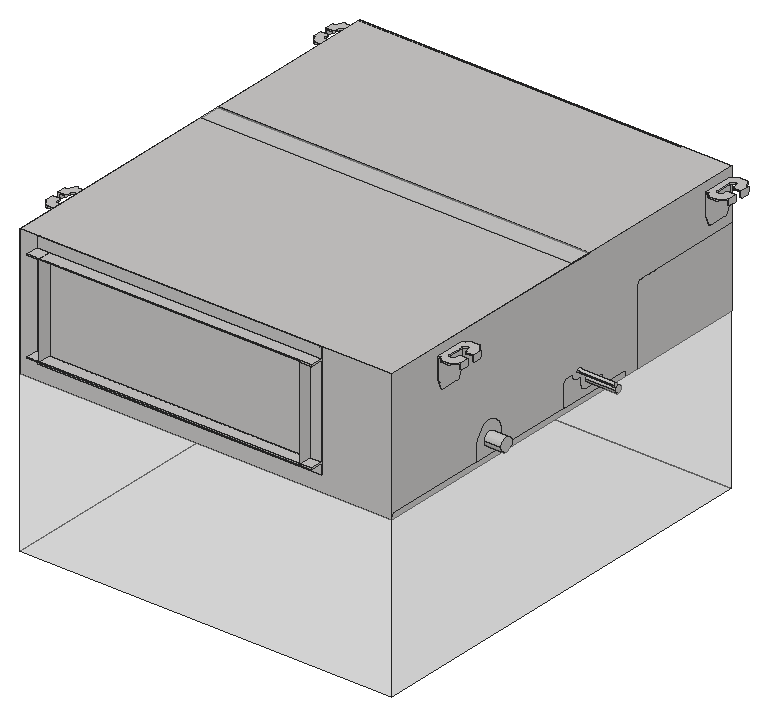
Revit family "outputfile", category 機械設備, Revit 2024
Family settings
  丸型コネクタ寸法 = 半径を使用
  パーツ タイプ = 標準
  OmniClass 番号 = 23.75.10.24.21.27.27
  OmniClass タイトル = Split System Air Conditioning Units
  作業面ベース = いいえ
  常に垂直 = はい
  ロード時にボイドで切り取り = いいえ
  注釈の向きを維持 = いいえ
  共有 = いいえ
  部屋計算ポイント = はい
Parameters (values of type "FDBF18DV2S")
  Description = ""
  書き出し IFC クラス(タイプ) = "IfcUnitaryEquipmentType"
  定義済み IFC タイプ(タイプ) = "AIRCONDITIONINGUNIT"
  Cost = 0
  Type Comments = ""
  Keynote = ""
  Type Image = (empty or 0)
  Assembly Code = ""
  switch_frequency = yes
  ra duct size width = 0 mm
  ra duct size height [instance] = if(Rear Connection_Return Air, 203 mm, 204 mm)  # 203 mm
  lw_duct size width = 604 mm
  connector_voltage = Voltage_50Hz  # 220 V
  connector_powerinput = [Power Input (Cooling)]  # 0.000 kW
  connector_phase = Phase_50Hz  # 1
  URL = ""
  RA_length [instance] = if(Rear Connection_Return Air, 126 mm, 125.5 mm)  # 126 mm
  angle_drainpipe [instance] = if(Right Connection_refrigerant, 90.00°, 270.00°)  # 90.00°
  angle_gaspipe [instance] = if(Right Connection_refrigerant, 90.00°, 270.00°)  # 90.00°
  angle_liquidpipe [instance] = if(Right Connection_refrigerant, 90.00°, 270.00°)  # 90.00°
  angle_Return Air [instance] = if(Rear Connection_Return Air, 90.00°, 0.00°)  # 90.00°
  Right Connection_refrigerant [instance] = yes
  Rear Connection_Return Air [instance] = not(Bottom Connection_Return Air)  # yes
  製造元 = "Daikin"
  モデル = "FDBF18DV2S"
  r_Liquid Pipe Size = Liquid Pipe Size / 2  # 3.2 mm
  r_Gas Pipe Size = Gas Pipe Size / 2  # 6.35 mm
  r_Drain Pipe Size = Drain Pipe Size / 2  # 12.5 mm
  lw_power = 60 mm  # constant formula
  lh_power = 30 mm  # constant formula
  ld_power = Depth / 2  # 400 mm
  Voltage_comment_50Hz = "220 - 240"
  Voltage_50Hz = 220 V
  Supply Air Direction [instance] = yes
  Sound Power Level_H speed (dB) = 0
  Phase_50Hz = 1
  Minimum External Static Pressure = 15.00 Pa
  Minimum Circuit Amps_50Hz = 0.0 A
  Maximum Fuse Amps_50Hz = 0.0 A
  Maximum External Static Pressure = 38.00 Pa
  Material_Casing = DAIKIN_GalvanizedSteel_Casing_indoorunit
  lw_mountinghole = 738 mm
  lh_gaspipe = 22 mm  # constant formula
  lh_mountinghole = 230 mm  # constant formula
  lh_liquidpipe = 185 mm  # constant formula
  lh_drainpipe = 207 mm  # constant formula
  lh_antena = (Height - lh_mountinghole) + 1 mm  # 16 mm
  ld_drainpipe = 228 mm  # constant formula
  ld_liquidpipe = 438 mm  # constant formula
  ld_gaspipe = 22 mm  # constant formula
  ld_mountinghole = 0 mm
  h*** = 0 mm
  lw_liquidpipe = 421 mm
  lw_gaspipe = 408 mm
  lw_drainpipe = 383 mm
  Width = 700 mm
  Version = "ver.1.0"
  Unit Type = "L.S.P. Duct for Bed Room"
  Unit Mass Weight = 26.00 kg
  Unit Designation [instance] = ""
  Uniclass2015Version = "Products v1.30"
  Uniclass2015Title = "Split coil room air conditioning units"
  Uniclass2015Code = "Pr_70_65_03_86"
  Total Cooling Capacity [instance] = 0.000 kW
  Sound Pressure Level_M speed (dBA) = 33
  Sound Pressure Level_L speed (dBA) = 25
  Sound Pressure Level_H speed (dBA) = 37
  Series = "SkyAir_Fan Coil Unit"
  Sensible Cooling Capacity [instance] = 0.000 kW
  SA Duct Size Width = 490 mm
  SA Duct Size Height = 174 mm
  Refrigerant Type = "R32"
  RA Duct Size Width = 563 mm
  RA Duct Size Height = 203 mm
  Power Input (Cooling) = 0.000 kW
  Option Accessory 3 [instance] = ""
  Option Accessory 2 [instance] = ""
  Option Accessory 1 [instance] = ""
  Nominal Cooling Capacity = 5.300 kW
  Minimum Airflow = 570.00 m³/h
  Median Airflow = 720.00 m³/h
  Maximum Airflow = 900.00 m³/h
  Load Classification = HVAC
  Liquid Pipe Size = 6.4 mm
  Link_Nested Family [instance] = ""
  Left Connection_refrigerant [instance] = not(Right Connection_refrigerant)  # no
  IfcVersion = ""
  IfcExportType = "AIRCONDITIONINGUNIT"
  IfcExportAs = "IfcUnitaryEquipmentType"
  Height = 245 mm
  Heat Exchanger Type = "Cross Fin Coil"
  Gas Pipe Size = 12.7 mm
  Frequency_50Hz = 50 Hz
  Fan Type = "Sirocco Fan"
  Fan Drive = "Direct Drive"
  FCU Tag No. [instance] = ""
  Drain Pipe Size = 25.0 mm
  Design Supply Airflow [instance] = 0.00 m³/h
  Design Return Airflow [instance] = 0.00 m³/h
  Design External Static Pressure [instance] = 0.00 Pa
  Depth = 800 mm
  既定の高さ = 0 mm
  Cooling Entering Wet Bulb Temperature [instance] = 0.00 °C
  Cooling Entering Dry Bulb Temperature [instance] = 0.00 °C
  Cooling Ambient Wet Bulb Temperature [instance] = 0.00 °C
  Cooling Ambient Dry Bulb Temperature [instance] = 0.00 °C
  Clearance visibility [instance] = yes
  Clearance Top = 0 mm
  Clearance Right = 0 mm
  Clearance Rear = 0 mm
  Clearance Left = 0 mm
  Clearance Front = 0 mm
  Clearance Bottom = 300 mm
  Bottom Connection_Return Air [instance] = no
Reference planes
  plane 1 "Center (Front/Back)": y = 0
  plane 2 "h": z = 0
  plane 3 "Center (Left/Right)": x = 0
  plane 4 "Back": y = 400
  plane 5 "Front": y = -400
  plane 6 "Left": x = -350
  plane 7 "Right": x = 350
  plane 8 "Top": z = 0
  plane 9 "Bottom": z = -245
  plane 10: y = 400
  plane 11: y = -400
  plane 12: x = -350
  plane 13: x = 350
  plane 14: z = 0
  plane 15: z = -545
  plane 16: y = 364
  plane 17: y = -266
  plane 18: z = -15
  plane 19: x = -317
  plane 20: x = -408
  plane 21: x = 408
  plane 22: x = -421
  plane 23: x = 421
  plane 24: y = 38
  plane 25: y = 60
  plane 26: y = -172
  plane 27: z = -207
  plane 28: z = -207
  plane 29: z = -185
  plane 30: x = -383
  plane 31: x = 383
  plane 32: x = 254.5
  plane 33: x = -349.5
  plane 34: y = 151.5
  plane 35: z = -215
  plane 36: x = 290
  plane 37: x = -47.5
  plane 38: y = 274
  plane 39: z = -119.5
  plane 40: x = -369
  plane 41: x = 369
Forms (mm)
  Extrusion 1, solid, material "DAIKIN_GalvanizedSteel_Casing_indoorunit" <- "Material_Casing"
    sketch origin (0, 0, 0) x (1, 0, 0) y (0, 1, 0)
      loop
        line (-350, 400) -> (-350, -400) -> (350, -400) -> (350, 400) -> (-350, 400)
    from -245 to 0
  Extrusion 2, solid, material "DAIKIN_GalvanizedSteel_Casing_indoorunit" <- "Material_Casing", visible <- "Right Connection_refrigerant"
    sketch origin (350, 0, 0) x (0, 1, 0) y (0, 0, 1)
      loop
        circle (-172, -207) r 12.5
    from 0 to 33
  Extrusion 3, solid, material "DAIKIN_GalvanizedSteel_Casing_indoorunit" <- "Material_Casing", visible <- "Left Connection_refrigerant"
    sketch origin (-350, 0, 0) x (0, 1, 0) y (0, 0, 1)
      loop
        circle (-172, -207) r 12.5
    from 0 to -33
  Extrusion 4, solid, material "DAIKIN_GalvanizedSteel_Casing_indoorunit" <- "Material_Casing", visible <- "Right Connection_refrigerant"
    sketch origin (350, 0, 0) x (0, 1, 0) y (0, 0, 1)
      loop
        circle (38, -185) r 3.2
    from 0 to 71
  Extrusion 5, solid, material "DAIKIN_GalvanizedSteel_Casing_indoorunit" <- "Material_Casing", visible <- "Right Connection_refrigerant"
    sketch origin (350, 0, 0) x (0, 1, 0) y (0, 0, 1)
      loop
        circle (60, -207) r 6.35
    from 0 to 58
  Extrusion 6, solid, material "DAIKIN_GalvanizedSteel_Casing_indoorunit" <- "Material_Casing", visible <- "Left Connection_refrigerant"
    sketch origin (-350, 0, 0) x (0, 1, 0) y (0, 0, 1)
      loop
        circle (60, -207) r 6.35
    from 0 to -58
  Extrusion 7, solid, material "DAIKIN_GalvanizedSteel_Casing_indoorunit" <- "Material_Casing", visible <- "Left Connection_refrigerant"
    sketch origin (-350, 0, 0) x (0, 1, 0) y (0, 0, 1)
      loop
        circle (38, -185) r 3.2
    from 0 to -71
  Extrusion 8, solid, material "DAIKIN_GalvanizedSteel_Casing_indoorunit" <- "Material_Casing", visible <- "Right Connection_refrigerant"
    sketch origin (350, 0, 0) x (0, 1, 0) y (0, 0, 1)
      loop
        line (22.284, -188) -> (7.5, -188)
        arc (7.5, -188) -> (5.379, -188.879) -> (4.5, -191) r 3
        line (4.5, -191) -> (4.5, -232)
        arc (4.5, -232) -> (5.379, -234.121) -> (7.5, -235) r 3
        line (7.5, -235) -> (91, -235)
        arc (91, -235) -> (93.121, -234.121) -> (94, -232) r 3
        line (94, -232) -> (94, -220)
        arc (94, -220) -> (93.121, -217.879) -> (91, -217) r 3
        line (91, -217) -> (75.564, -217)
        arc (75.564, -217) -> (51.595, -223.481) -> (42.766, -200.274) r 18.5
        arc (42.766, -200.274) -> (29.776, -198.725) -> (22.284, -188) r 16
    from 0 to -1
  Extrusion 9, solid, material "DAIKIN_GalvanizedSteel_Casing_indoorunit" <- "Material_Casing", visible <- "Left Connection_refrigerant"
    sketch origin (-350, 0, 0) x (0, 1, 0) y (0, 0, 1)
      loop
        line (22.284, -188) -> (7.5, -188)
        arc (7.5, -188) -> (5.379, -188.879) -> (4.5, -191) r 3
        line (4.5, -191) -> (4.5, -232)
        arc (4.5, -232) -> (5.379, -234.121) -> (7.5, -235) r 3
        line (7.5, -235) -> (91, -235)
        arc (91, -235) -> (93.121, -234.121) -> (94, -232) r 3
        line (94, -232) -> (94, -220)
        arc (94, -220) -> (93.121, -217.879) -> (91, -217) r 3
        line (91, -217) -> (75.564, -217)
        arc (75.564, -217) -> (51.595, -223.481) -> (42.766, -200.274) r 18.5
        arc (42.766, -200.274) -> (29.776, -198.725) -> (22.284, -188) r 16
    from 0 to 1
  Extrusion 10, solid, material "DAIKIN_GalvanizedSteel_Casing_indoorunit" <- "Material_Casing", visible <- "Right Connection_refrigerant"
    sketch origin (350, 0, 0) x (0, 1, 0) y (0, 0, 1)
      loop
        line (-199.5, -235) -> (-144.5, -235) -> (-144.5, -204.7)
        arc (-144.5, -204.7) -> (-152.555, -185.255) -> (-172, -177.2) r 27.5
        arc (-172, -177.2) -> (-191.445, -185.255) -> (-199.5, -204.7) r 27.5
        line (-199.5, -204.7) -> (-199.5, -235)
    from 0 to -1
  Extrusion 11, solid, material "DAIKIN_GalvanizedSteel_Casing_indoorunit" <- "Material_Casing", visible <- "Left Connection_refrigerant"
    sketch origin (-350, 0, 0) x (0, 1, 0) y (0, 0, 1)
      loop
        line (-199.5, -235) -> (-144.5, -235) -> (-144.5, -204.7)
        arc (-144.5, -204.7) -> (-152.555, -185.255) -> (-172, -177.2) r 27.5
        arc (-172, -177.2) -> (-191.445, -185.255) -> (-199.5, -204.7) r 27.5
        line (-199.5, -204.7) -> (-199.5, -235)
    from 0 to 1
  Extrusion 12, solid, material "DAIKIN_GalvanizedSteel_Casing_indoorunit" <- "Material_Casing", visible <- "Right Connection_refrigerant"
    sketch origin (350, 0, 0) x (0, 1, 0) y (0, 0, 1)
      loop
        line (400, -245) -> (400, -95.5) -> (182, -95.5)
        arc (182, -95.5) -> (179.879, -96.379) -> (179, -98.5) r 3
        line (179, -98.5) -> (179, -245) -> (400, -245)
    from 0 to -1
  Extrusion 13, solid, material "DAIKIN_GalvanizedSteel_Casing_indoorunit" <- "Material_Casing", visible <- "Bottom Connection_Return Air"
    sketch origin (0, 400, 0) x (-1, 0, 0) y (0, 0, 1)
      loop
        line (-254.5, 0) -> (-254.5, -245) -> (349.5, -245) -> (349.5, 0) -> (-254.5, 0)
    from 0 to -1
  Extrusion 14, solid, material "DAIKIN_GalvanizedSteel_Casing_indoorunit" <- "Material_Casing", visible <- "Rear Connection_Return Air"
    sketch origin (0, 0, -245) x (-1, 0, 0) y (0, -1, 0)
      loop
        line (349.5, -400) -> (349.5, -151.5) -> (-254.5, -151.5) -> (-254.5, -400) -> (349.5, -400)
    from 0 to 1
  Extrusion 15, solid, material "DAIKIN_GalvanizedSteel_Casing_indoorunit" <- "Material_Casing", visible <- "Right Connection_refrigerant"
    sketch origin (350, 0, 0) x (0, 1, 0) y (0, 0, 1)
      loop
        arc (-397, -235) -> (-399.121, -235.879) -> (-400, -238) r 3
        line (-400, -238) -> (-400, -245) -> (147.5, -245) -> (147.5, -238)
        arc (147.5, -238) -> (146.621, -235.879) -> (144.5, -235) r 3
        line (144.5, -235) -> (-397, -235)
    from 0 to -1
  Extrusion 16, solid, material "DAIKIN_GalvanizedSteel_Casing_indoorunit" <- "Material_Casing", visible <- "Left Connection_refrigerant"
    sketch origin (-350, 0, 0) x (0, 1, 0) y (0, 0, 1)
      loop
        arc (-397, -235) -> (-399.121, -235.879) -> (-400, -238) r 3
        line (-400, -238) -> (-400, -245) -> (147.5, -245) -> (147.5, -238)
        arc (147.5, -238) -> (146.621, -235.879) -> (144.5, -235) r 3
        line (144.5, -235) -> (-397, -235)
    from 0 to 1
  Extrusion 17, solid, material "DAIKIN_GalvanizedSteel_Casing_indoorunit" <- "Material_Casing", visible <- "Left Connection_refrigerant"
    sketch origin (-350, 0, 0) x (0, 1, 0) y (0, 0, 1)
      loop
        line (400, -245) -> (400, -95.5) -> (182, -95.5)
        arc (182, -95.5) -> (179.879, -96.379) -> (179, -98.5) r 3
        line (179, -98.5) -> (179, -245) -> (400, -245)
    from 0 to 1
  Extrusion 18, void
    sketch origin (0, 0, 0) x (-1, 0, 0) y (0, -1, 0)
      loop
        line (350, -66.5) -> (350, -25) -> (-350, -25) -> (-350, -66.5) -> (350, -66.5)
    from 0 to -1
Cuts and joins
  Extrusion 18 cuts Extrusion 1
Dimensions and locks
  "Height": plane 8 "Top" to plane 9 "Bottom"
  equal spacing: plane 4 "Back", plane 1 "Center (Front/Back)", plane 5 "Front"
  "Depth": plane 4 "Back" to plane 5 "Front"
  equal spacing: plane 6 "Left", plane 3 "Center (Left/Right)", plane 7 "Right"
  "Width": plane 6 "Left" to plane 7 "Right"
  "Clearance Left": plane 12 to plane 6 "Left"
  "Clearance Right": plane 7 "Right" to plane 13
  "Clearance Rear": plane 10 to plane 4 "Back"
  "Clearance Front": plane 5 "Front" to plane 11
  "Clearance Top": plane 14 to plane 8 "Top"
  "Clearance Bottom": plane 9 "Bottom" to plane 15
  locked: plane 4 "Back" to plane 16 at 36
  locked: plane 17 to plane 5 "Front" at 134
  locked: plane 6 "Left" to plane 19 at 33
  "ld_liquidpipe": plane 24 to plane 5 "Front"
  "ld_drainpipe": plane 26 to plane 5 "Front"
  "ld_gaspipe": plane 25 to plane 24
  "lh_drainpipe": plane 8 "Top" to plane 28
  "lh_liquidpipe": plane 8 "Top" to plane 29
  "lh_gaspipe": plane 29 to plane 27
  locked: plane 7 "Right" to plane 32 at 95.5
  locked: plane 33 to plane 6 "Left" at 0.5
  locked: plane 4 "Back" to plane 34 at 248.5
  "lw_drainpipe": plane 3 "Center (Left/Right)" to plane 31
  "lw_drainpipe": plane 30 to plane 3 "Center (Left/Right)"
  "lw_gaspipe": plane 3 "Center (Left/Right)" to plane 21
  "lw_gaspipe": plane 20 to plane 3 "Center (Left/Right)"
  "lw_liquidpipe": plane 3 "Center (Left/Right)" to plane 23
  "lw_liquidpipe": plane 22 to plane 3 "Center (Left/Right)"
  "lw_power": plane 7 "Right" to plane 36
  "lh_power": plane 9 "Bottom" to plane 35
  equal spacing: plane 33, plane 37, plane 32
  locked: plane 4 "Back" to plane 38 at 126
  locked: plane 9 "Bottom" to plane 39 at 125.5
  equal spacing: plane 40, plane 3 "Center (Left/Right)", plane 41
  "lw_mountinghole": plane 40 to plane 41
  "lh_mountinghole": plane 18 to plane 9 "Bottom"
  locked: Extrusion 18 sketch curve to Extrusion 18 sketch curve at 41.5
  locked: plane 1 "Center (Front/Back)" to Extrusion 18 sketch curve at 25
  "r_Drain Pipe Size": radius of Extrusion 2 sketch curve
  "r_Drain Pipe Size": radius of Extrusion 3 sketch curve
  "r_Liquid Pipe Size": radius of Extrusion 4 sketch curve
  "r_Gas Pipe Size": radius of Extrusion 5 sketch curve
  "r_Gas Pipe Size": radius of Extrusion 6 sketch curve
  "r_Liquid Pipe Size": radius of Extrusion 7 sketch curve
  aligned and locked: level to plane 2 "h"
  aligned and locked: plane 8 "Top" to Extrusion 1
  aligned and locked: Extrusion 1 to plane 9 "Bottom"
  aligned and locked: nested 2 to plane 11
  aligned and locked: plane 12 to nested 2
  aligned and locked: plane 13 to nested 2
  aligned and locked: nested 2 to plane 12
  aligned and locked: plane 10 to nested 2
  aligned and locked: plane 14 to nested 2
  aligned and locked: plane 15 to nested 2
  aligned and locked: plane 5 "Front" to Extrusion 1 sketch curve
  aligned and locked: level to plane 8 "Top"
  aligned and locked: nested 3 to plane 6 "Left"
  aligned and locked: nested 6 to plane 6 "Left"
  aligned and locked: plane 7 "Right" to nested 5
  aligned and locked: plane 7 "Right" to nested 4
  aligned and locked: nested 3 to plane 16
  aligned and locked: plane 16 to nested 4
  aligned and locked: plane 17 to nested 6
  aligned and locked: nested 5 to plane 17
  aligned and locked: plane 18 to nested 3
  aligned and locked: plane 18 to nested 6
  aligned and locked: plane 18 to nested 4
  aligned and locked: plane 18 to nested 5
  aligned and locked: nested 7 to plane 5 "Front"
  aligned and locked: nested 7 to plane 19
  aligned and locked: plane 28 to Extrusion 2 sketch curve
  aligned and locked: plane 26 to Extrusion 2 sketch curve
  aligned and locked: plane 31 to Extrusion 2
  aligned and locked: plane 28 to Extrusion 3 sketch curve
  aligned and locked: plane 26 to Extrusion 3 sketch curve
  aligned and locked: Extrusion 3 to plane 30
  aligned and locked: plane 29 to Extrusion 4 sketch curve
  aligned and locked: plane 24 to Extrusion 4 sketch curve
  aligned and locked: plane 23 to Extrusion 4
  aligned and locked: plane 28 to Extrusion 5 sketch curve
  aligned and locked: plane 25 to Extrusion 5 sketch curve
  aligned and locked: plane 21 to Extrusion 5
  aligned and locked: plane 28 to Extrusion 6 sketch curve
  aligned and locked: plane 25 to Extrusion 6 sketch curve
  aligned and locked: Extrusion 6 to plane 20
  aligned and locked: plane 29 to Extrusion 7 sketch curve
  aligned and locked: plane 24 to Extrusion 7 sketch curve
  aligned and locked: Extrusion 7 to plane 22
  aligned and locked: Extrusion 13 to plane 33
  aligned and locked: plane 32 to Extrusion 13
  aligned and locked: plane 8 "Top" to Extrusion 13
  aligned and locked: Extrusion 13 to plane 9 "Bottom"
  aligned and locked: Extrusion 14 to plane 33
  aligned and locked: plane 32 to Extrusion 14
  aligned and locked: Extrusion 14 to plane 34
  aligned and locked: plane 4 "Back" to Extrusion 14
  aligned and locked: nested 8 to plane 4 "Back"
  aligned and locked: nested 8 to plane 33
  aligned and locked: plane 8 "Top" to nested 8
  aligned and locked: nested 9 to plane 34
  aligned and locked: plane 4 "Back" to nested 9
  aligned and locked: plane 32 to nested 9
  aligned and locked: nested 9 to plane 9 "Bottom"
  aligned and locked: nested 10 to plane 26
  aligned and locked: plane 3 "Center (Left/Right)" to nested 10
  aligned and locked: nested 10 to plane 28
  aligned and locked: nested 11 to plane 24
  aligned and locked: plane 3 "Center (Left/Right)" to nested 11
  aligned and locked: nested 11 to plane 29
  aligned and locked: nested 12 to plane 25
  aligned and locked: plane 3 "Center (Left/Right)" to nested 12
  aligned and locked: nested 12 to plane 28
  aligned and locked: nested 13 to plane 35
  aligned and locked: nested 13 to plane 36
  aligned and locked: nested 13 to plane 1 "Center (Front/Back)"
  aligned and locked: plane 37 to nested 14
  aligned and locked: nested 14 to plane 38
  aligned and locked: plane 38 to nested 14  (x2)
  aligned and locked: plane 40 to nested 15
  aligned and locked: plane 17 to nested 15
  aligned and locked: plane 40 to nested 16
  aligned and locked: nested 16 to plane 16
  aligned and locked: plane 41 to nested 18
  aligned and locked: plane 17 to nested 18
  aligned and locked: plane 41 to nested 17
  aligned and locked: nested 17 to plane 16
  aligned and locked: plane 1 "Center (Front/Back)" to nested 1
  aligned and locked: plane 3 "Center (Left/Right)" to nested 1
  aligned and locked: plane 6 "Left" to Extrusion 18 sketch curve
  aligned and locked: Extrusion 18 sketch curve to plane 7 "Right"
  aligned and locked: plane 8 "Top" to nested 7
Automatic sketch dimensions
  Extrusion 1 sketch curve to plane 6 "Left" = 0 mm
  Extrusion 1 sketch curve to plane 7 "Right" = 0 mm
  Extrusion 1 sketch curve to plane 4 "Back" = 0 mm
  Extrusion 8 sketch curve to plane 24 = 0 mm
  Extrusion 8 sketch curve to plane 25 = 0 mm
  Extrusion 8 sketch curve to plane 27 = 0 mm
  Extrusion 8 sketch curve to plane 29 = 0 mm
  Extrusion 8 sketch curve to plane 29 = 3 mm
  Extrusion 8 sketch curve to plane 24 = 15.716 mm
  Extrusion 8 sketch curve to plane 1 "Center (Front/Back)" = 7.5 mm  (x2)
  Extrusion 8 sketch curve to Extrusion 8 sketch curve = 3 mm
  Extrusion 8 sketch curve to plane 35 = 2 mm
  plane 25 to Extrusion 8 sketch curve = 15.564 mm
  plane 9 "Bottom" to Extrusion 8 sketch curve = 10 mm
  Extrusion 8 sketch curve to Extrusion 8 sketch curve = 15.436 mm
  Extrusion 8 sketch curve to plane 35 = 5 mm
  Extrusion 8 sketch curve to Extrusion 8 sketch curve = 0 mm
  Extrusion 9 sketch curve to plane 24 = 0 mm
  Extrusion 9 sketch curve to plane 25 = 0 mm
  Extrusion 9 sketch curve to plane 27 = 0 mm
  Extrusion 9 sketch curve to plane 29 = 0 mm
  Extrusion 9 sketch curve to plane 29 = 3 mm
  Extrusion 9 sketch curve to plane 24 = 15.716 mm
  Extrusion 9 sketch curve to plane 1 "Center (Front/Back)" = 7.5 mm  (x2)
  Extrusion 9 sketch curve to Extrusion 9 sketch curve = 3 mm
  Extrusion 9 sketch curve to plane 35 = 2 mm
  plane 25 to Extrusion 9 sketch curve = 15.564 mm
  plane 9 "Bottom" to Extrusion 9 sketch curve = 10 mm
  Extrusion 9 sketch curve to Extrusion 9 sketch curve = 15.436 mm
  Extrusion 9 sketch curve to plane 35 = 5 mm
  Extrusion 9 sketch curve to Extrusion 9 sketch curve = 0 mm
  Extrusion 10 sketch curve to Extrusion 10 sketch curve = 0 mm  (x2)
  Extrusion 10 sketch curve to plane 26 = 0 mm
  plane 9 "Bottom" to Extrusion 10 sketch curve = 10 mm
  Extrusion 10 sketch curve to plane 26 = 27.5 mm
  plane 27 to Extrusion 10 sketch curve = 2.3 mm
  Extrusion 11 sketch curve to Extrusion 11 sketch curve = 0 mm  (x2)
  Extrusion 11 sketch curve to plane 26 = 0 mm
  plane 9 "Bottom" to Extrusion 11 sketch curve = 10 mm
  Extrusion 11 sketch curve to plane 26 = 27.5 mm
  plane 27 to Extrusion 11 sketch curve = 2.3 mm
  Extrusion 12 sketch curve to plane 9 "Bottom" = 0 mm
  Extrusion 12 sketch curve to plane 4 "Back" = 0 mm
  plane 34 to Extrusion 12 sketch curve = 30.5 mm
  Extrusion 12 sketch curve to Extrusion 12 sketch curve = 3 mm
  plane 39 to Extrusion 12 sketch curve = 21 mm
  Extrusion 13 sketch curve to plane 9 "Bottom" = 0 mm
  Extrusion 13 sketch curve to plane 32 = 0 mm
  Extrusion 13 sketch curve to plane 33 = 0 mm
  Extrusion 13 sketch curve to level = 0 mm
  Extrusion 14 sketch curve to plane 4 "Back" = 0 mm
  Extrusion 14 sketch curve to plane 32 = 0 mm
  Extrusion 14 sketch curve to plane 33 = 0 mm
  Extrusion 14 sketch curve to plane 34 = 0 mm
  Extrusion 15 sketch curve to plane 5 "Front" = 0 mm
  Extrusion 15 sketch curve to plane 9 "Bottom" = 0 mm
  Extrusion 15 sketch curve to Extrusion 15 sketch curve = 3 mm
  Extrusion 15 sketch curve to plane 34 = 7 mm
  Extrusion 15 sketch curve to plane 34 = 4 mm
  Extrusion 15 sketch curve to Extrusion 15 sketch curve = 7 mm
  Extrusion 16 sketch curve to plane 5 "Front" = 0 mm
  Extrusion 16 sketch curve to plane 9 "Bottom" = 0 mm
  Extrusion 16 sketch curve to Extrusion 16 sketch curve = 3 mm
  Extrusion 16 sketch curve to plane 34 = 7 mm
  Extrusion 16 sketch curve to plane 34 = 4 mm
  plane 9 "Bottom" to Extrusion 16 sketch curve = 7 mm
  Extrusion 17 sketch curve to plane 9 "Bottom" = 0 mm
  Extrusion 17 sketch curve to plane 4 "Back" = 0 mm
  plane 34 to Extrusion 17 sketch curve = 30.5 mm
  Extrusion 17 sketch curve to Extrusion 17 sketch curve = 3 mm
  plane 39 to Extrusion 17 sketch curve = 21 mm
Nested families
  nested 1: "daikin_△_symbolicline" at (0, 0, 245), built-in parameter 1001364 <- "Height", visible <- "Supply Air Direction", type "daikin_△_symbolicline"
    with length 200 mm
  nested 2: "daikin_clearancespace" at (0, 0, -272.381), visible <- "Clearance visibility", show <- "Clearance visibility", Link_Nested Family <- "Link_Nested Family", type "daikin_clearancespace"
    with width 700 mm, show yes, height 545 mm, depth 800 mm, Link_Nested Family ""
  nested 3: "daikin_hangerfixture_FDBF-DV2S" at (-350, 364, -15) x (0, -1, 0) z (0, 0, 1), type "daikin_hangerfixture_FDBF-DV2S"
  nested 4: "daikin_hangerfixture_FDBF-DV2S" at (350, 364, -15) x (0, 1, 0) z (0, 0, 1), type "daikin_hangerfixture_FDBF-DV2S"
  nested 5: "daikin_hangerfixture_FDBF-DV2S" at (350, -266, -15) x (0, 1, 0) z (0, 0, 1), type "daikin_hangerfixture_FDBF-DV2S"
  nested 6: "daikin_hangerfixture_FDBF-DV2S" at (-350, -266, -15) x (0, -1, 0) z (0, 0, 1), type "daikin_hangerfixture_FDBF-DV2S"
  nested 7: "daikin_ductflange_FDBF-DV2S_2" at (-49.5, -400, -108), type "daikin_ductflange_FDBF-DV2S_2"
  nested 8: "daikin_ductflange_FDBF-DV2S" at (-47.5, 400, -122.5), width <- "lw_duct size width", visible <- "Rear Connection_Return Air", material <- "Material_Casing", type "daikin_ductflange_FDBF-DV2S"
    with width 604 mm, material DAIKIN_GalvanizedSteel_Casing_indoorunit, height 245 mm, depth 1 mm
  nested 9: "daikin_ductflange_FDBF-DV2S_1" at (-47.5, 275.75, -244) x (1, 0, 0) z (0, -1, 0), width <- "lw_duct size width", visible <- "Bottom Connection_Return Air", material <- "Material_Casing", type "daikin_ductflange_FDBF-DV2S_1"
    with width 604 mm, material DAIKIN_GalvanizedSteel_Casing_indoorunit, height 248.5 mm, depth 1 mm
  nested 10: "daikin_connector_rotate3" at (0, -172, -207), length <- "lw_drainpipe", radius <- "r_Drain Pipe Size", angle_vertical <- "angle_drainpipe", type "daikin_connector_rotate3"
    with show no, radius 12.5 mm, length 383 mm, angle_vertical 90.00°, angle_horizontal 90.00°
  nested 11: "daikin_connector_rotate3" at (0, 38, -185), length <- "lw_liquidpipe", radius <- "r_Liquid Pipe Size", angle_vertical <- "angle_liquidpipe", type "daikin_connector_rotate3"
    with show no, radius 3.2 mm, length 421 mm, angle_vertical 90.00°, angle_horizontal 90.00°
  nested 12: "daikin_connector_rotate3" at (0, 60, -207), length <- "lw_gaspipe", radius <- "r_Gas Pipe Size", angle_vertical <- "angle_gaspipe", type "daikin_connector_rotate3"
    with show no, radius 6.35 mm, length 408 mm, angle_vertical 90.00°, angle_horizontal 90.00°
  nested 13: "daikin_connector_rotate2" at (290, 0, -215) x (-1, 0, 0) z (0, 0, 1), length <- "ld_power", type "daikin_connector_rotate2"
    with radius 10 mm, length 400 mm, angle_vertical 90.00°
  nested 14: "daikin_connector_rotate3" at (-47.5, 274, -119.5), angle_vertical <- "angle_Return Air", length <- "RA_length", type "daikin_connector_rotate3"
    with show no, radius 10 mm, length 126 mm, angle_vertical 90.00°, angle_horizontal 180.00°
  nested 15: "daikin_mountinghole" at (-369, -266, -245), h_mountinghole <- "lh_mountinghole", l_antenna <- "lh_antena", Link_Nested Family <- "Link_Nested Family", type "daikin_mountinghole"
    with show yes, l_antenna 16 mm, h_mountinghole 230 mm, Link_Nested Family ""
  nested 16: "daikin_mountinghole" at (-369, 364, -245), h_mountinghole <- "lh_mountinghole", l_antenna <- "lh_antena", Link_Nested Family <- "Link_Nested Family", type "daikin_mountinghole"
    with show yes, l_antenna 16 mm, h_mountinghole 230 mm, Link_Nested Family ""
  nested 17: "daikin_mountinghole" at (369, 364, -245), h_mountinghole <- "lh_mountinghole", l_antenna <- "lh_antena", type "daikin_mountinghole"
    with show yes, l_antenna 16 mm, h_mountinghole 230 mm, Link_Nested Family ""
  nested 18: "daikin_mountinghole" at (369, -266, -245), h_mountinghole <- "lh_mountinghole", l_antenna <- "lh_antena", type "daikin_mountinghole"
    with show yes, l_antenna 16 mm, h_mountinghole 230 mm, Link_Nested Family ""
Connectors
  hvac at (-49.5, -425, -108), driven by "SA Duct Size Height", driven by "SA Duct Size Width"
    settings: on nested 7, index 1, duct flow 0.00 m³/h, flow factor 0, pres drop 0.00 Pa, loss coef 0, conn angle 0.00°, conn width 490.0 mm, conn height 174.0 mm, conn diameter 609.6 mm, duct sys type 1, conn prof type 1, flow config 0, flow direction 2, loss method 4, conn ref index -1, conn util no, is conn primary yes, conn desc "SA Duct"
  piping at (408, 60, -207), diameter 12.7, driven by "r_Gas Pipe Size"
    settings: on nested 12, index 4, connector inside diameter 609.6 mm, connector length 0 mm, flow factor 0, pipe flow 0.00 m³/h, pressure drop 0.0 Pa, fitting loss kfactor 0, connector angle 0.00°, fixture units 0, engagement length 0 mm, angle of deflection 0.00°, flow configuration 1, flow direction 2, fitting loss method 0, system type 29, joint type 0, gender type 0, connector reference index -1, connector utility 0, adjustable connector no, is connector primary yes, connector description "Refrigerant Gas Piping"
  piping at (421, 38, -185), diameter 6.4, driven by "r_Liquid Pipe Size"
    settings: on nested 11, index 5, connector inside diameter 609.6 mm, connector length 0 mm, flow factor 0, pipe flow 0.00 m³/h, pressure drop 0.0 Pa, fitting loss kfactor 0, connector angle 0.00°, fixture units 0, engagement length 0 mm, angle of deflection 0.00°, flow configuration 1, flow direction 1, fitting loss method 0, system type 29, joint type 0, gender type 0, connector reference index -1, connector utility 0, adjustable connector no, is connector primary no, connector description "Refrigerant Liquid Piping"
  piping at (383, -172, -207), diameter 25, driven by "r_Drain Pipe Size"
    settings: on nested 10, index 6, connector inside diameter 609.6 mm, connector length 0 mm, flow factor 0, pipe flow 0.00 m³/h, pressure drop 0.0 Pa, fitting loss kfactor 0, connector angle 0.00°, fixture units 0, engagement length 0 mm, angle of deflection 0.00°, flow configuration 1, flow direction 2, fitting loss method 4, system type 16, joint type 0, gender type 0, connector reference index -1, connector utility 0, adjustable connector no, is connector primary no, connector description "Condensate Drain Piping"
  hvac at (-47.5, 400, -119.5), driven by "ra duct size height", driven by "RA Duct Size Width"
    settings: on nested 14, index 7, duct flow 0.00 m³/h, flow factor 0, pres drop 0.00 Pa, loss coef 0, conn angle 0.00°, conn width 563.0 mm, conn height 203.0 mm, conn diameter 609.6 mm, duct sys type 2, conn prof type 1, flow config 0, flow direction 1, loss method 4, conn ref index -1, conn util no, is conn primary no, conn desc "RA Duct"
  electrical at (290, 400, -215), driven by "Load Classification", driven by "connector_powerinput", driven by "connector_voltage", driven by "connector_phase"
    settings: on nested 13, index 8, voltage 220 V, apparent load 0 VA, apparent load phase1 0 VA, apparent load phase2 0 VA, apparent load phase3 0 VA, power factor 1, load classification "HVAC", number of poles 1, system type 30, power factor state 1, is connector primary yes, connector utility no, sub classification motor no, connector description "Power Supply"
Definition of nested family "daikin_clearancespace"
  Parameters (values of type "daikin_clearancespace")
    Description = "daikin_clearancespace"
    width [instance] = 1823.963 mm
    show [instance] = yes
    material = none
    height [instance] = 1359.762 mm
    depth [instance] = 880 mm
    Default Elevation = 0 mm
    Link_Nested Family [instance] = ""
  Reference planes
    plane 1 "Center (Front/Back)": y = 0
    plane 2 "Center (Elevation)": z = -0.119
    plane 3 "Center (Left/Right)": x = 0
    plane 4: y = 440
    plane 5: y = -440
    plane 6 "Right": x = 911.982
    plane 7 "Left": x = -911.982
    plane 8 "Top": z = 679.762
    plane 9 "Bottom": z = -680
  Forms (mm)
    Extrusion 1, solid, material <- "material", visible <- "show"
      sketch origin (0, 0, 0) x (1, 0, 0) y (0, 1, 0)
        loop
          line (-911.982, 440) -> (-911.982, -440) -> (911.982, -440) -> (911.982, 440) -> (-911.982, 440)
      from -680 to 679.762
  Lines and regions (mm)
    symbolic lines, visible <- "show"
      curve 1: line (911.982, 440, 0) -> (-911.982, 440, 0)
      curve 2: line (-911.982, 440, 0) -> (-911.982, -440, 0)
      curve 3: line (-911.982, -440, 0) -> (911.982, -440, 0)
      curve 4: line (911.982, -440, 0) -> (911.982, 440, 0)
      curve 5: line (911.982, 0, 679.762) -> (-911.982, 0, 679.762)
      curve 6: line (911.982, 0, -680) -> (911.982, 0, 679.762)
      curve 7: line (-911.982, 0, -680) -> (911.982, 0, -680)
      curve 8: line (-911.982, 0, 679.762) -> (-911.982, 0, -680)
      curve 9: line (0, 440, 679.762) -> (0, -440, 679.762)
      curve 10: line (0, -440, 679.762) -> (0, -440, -680)
      curve 11: line (0, 440, -680) -> (0, 440, 679.762)
      curve 12: line (0, -440, -680) -> (0, 440, -680)
  Dimensions and locks
    "width": plane 7 "Left" to plane 6 "Right"
    "depth": plane 4 to plane 5
    "height": plane 8 "Top" to plane 9 "Bottom"
    equal spacing: plane 7 "Left", plane 3 "Center (Left/Right)", plane 6 "Right"
    equal spacing: plane 4, plane 1 "Center (Front/Back)", plane 5
    equal spacing: plane 8 "Top", plane 2 "Center (Elevation)", plane 9 "Bottom"
    aligned and locked: level to plane 2 "Center (Elevation)"
    aligned and locked: Extrusion 1 sketch curve to plane 4
    aligned and locked: plane 7 "Left" to Extrusion 1 sketch curve
    aligned and locked: Extrusion 1 sketch curve to plane 5
    aligned and locked: Extrusion 1 sketch curve to plane 6 "Right"
    aligned and locked: plane 8 "Top" to Extrusion 1
    aligned and locked: curve 1 to Extrusion 1
    aligned and locked: curve 2 to Extrusion 1
    aligned and locked: curve 3 to Extrusion 1
    aligned and locked: curve 4 to Extrusion 1
    aligned and locked: curve 5 to Extrusion 1
    aligned and locked: curve 6 to Extrusion 1
    aligned and locked: curve 7 to Extrusion 1
    aligned and locked: curve 8 to Extrusion 1
    aligned and locked: curve 9 to Extrusion 1
    aligned and locked: curve 10 to Extrusion 1
    aligned and locked: curve 11 to Extrusion 1
    aligned and locked: curve 12 to Extrusion 1
    aligned and locked: Extrusion 1 to plane 9 "Bottom"
Definition of nested family "daikin_hangerfixture_FDBF-DV2S"
  Parameters (values of type "daikin_hangerfixture_FDBF-DV2S")
    width = 72 mm
    material = none
    height = 60 mm
    depth = 41 mm
    Default Elevation = 0 mm
  Reference planes
    plane 1 "Center (Front/Back)": y = 0
    plane 2: z = 0
    plane 3 "Center (Left/Right)": x = 0
    plane 4: y = 417.146
    plane 5: y = -41
    plane 6: x = -36
    plane 7: x = 36
    plane 8: z = -2.3
    plane 9: z = -60
    plane 10: y = -2.3
    plane 11: z = -12
    plane 12: y = -38.7
  Forms (mm)
    Extrusion 1, solid, material <- "material"
      sketch origin (0, 0, 0) x (1, 0, 0) y (0, 1, 0)
        loop
          line (-28, 0) -> (-28, -5)
          arc (-28, -5) -> (-29.127, -8.162) -> (-32, -9.899) r 5
          arc (-32, -9.899) -> (-34.873, -11.636) -> (-36, -14.798) r 5
          line (-36, -14.798) -> (-36, -27.178)
          arc (-36, -27.178) -> (-35.429, -29.499) -> (-33.846, -31.289) r 5
          line (-33.846, -31.289) -> (-23, -38.798) -> (-23, -41.098) -> (-6.5, -41.098) -> (-6.5, -28.498)
          arc (-6.5, -28.498) -> (-7.379, -26.377) -> (-9.5, -25.498) r 3
          line (-9.5, -25.498) -> (-13.5, -25.498)
          arc (-13.5, -25.498) -> (-20, -18.998) -> (-13.5, -12.498) r 6.5
          line (-13.5, -12.498) -> (13.5, -12.498)
          arc (13.5, -12.498) -> (20, -18.998) -> (13.5, -25.498) r 6.5
          line (13.5, -25.498) -> (9.5, -25.498)
          arc (9.5, -25.498) -> (7.379, -26.377) -> (6.5, -28.498) r 3
          line (6.5, -28.498) -> (6.5, -41.098) -> (23, -41.098) -> (23, -38.798) -> (33.846, -31.289)
          arc (33.846, -31.289) -> (35.429, -29.499) -> (36, -27.178) r 5
          line (36, -27.178) -> (36, -14.596)
          arc (36, -14.596) -> (34.873, -11.434) -> (32, -9.697) r 5
          arc (32, -9.697) -> (29.127, -7.96) -> (28, -4.798) r 5
          line (28, -4.798) -> (28, 0) -> (-28, 0)
      from 0 to -2.3
    Extrusion 2, solid, material <- "material"
      sketch origin (0, 0, 0) x (1, 0, 0) y (0, 0, 1)
        loop
          line (28, -39.037) -> (28, 0) -> (-28, 0) -> (-28, -39.037)
          arc (-28, -39.037) -> (-27.91, -39.983) -> (-27.642, -40.894) r 5
          line (-27.642, -40.894) -> (-21.257, -56.857)
          arc (-21.257, -56.857) -> (-19.418, -59.14) -> (-16.615, -60) r 5
          line (-16.615, -60) -> (16.615, -60)
          arc (16.615, -60) -> (19.418, -59.14) -> (21.257, -56.857) r 5
          line (21.257, -56.857) -> (27.642, -40.894)
          arc (27.642, -40.894) -> (27.91, -39.983) -> (28, -39.037) r 5
      from 0 to 2.3
    Extrusion 3, solid, material <- "material"
      sketch origin (0, 0, 0) x (1, 0, 0) y (0, 0, 1)
        loop
          line (-23, 0) -> (-23, -9)
          arc (-23, -9) -> (-22.121, -11.121) -> (-20, -12) r 3
          line (-20, -12) -> (-9.5, -12)
          arc (-9.5, -12) -> (-7.379, -11.121) -> (-6.5, -9) r 3
          line (-6.5, -9) -> (-6.5, 0) -> (-23, 0)
        loop
          line (23, 0) -> (6.5, 0) -> (6.5, -9)
          arc (6.5, -9) -> (7.379, -11.121) -> (9.5, -12) r 3
          line (9.5, -12) -> (20, -12)
          arc (20, -12) -> (22.121, -11.121) -> (23, -9) r 3
          line (23, -9) -> (23, 0)
      from 38.8 to 41.098
  Cuts and joins
    joined: Extrusion 1, Extrusion 2, Extrusion 3
  Dimensions and locks
    plane 2 to plane 8 = 2.3 mm
    "height": plane 2 to plane 9
    locked: plane 10 to plane 1 "Center (Front/Back)" at 2.3
    locked: plane 2 to plane 11 at 12
    locked: plane 12 to plane 5 at 2.3
    "width": plane 6 to plane 7
    "depth": plane 1 "Center (Front/Back)" to plane 5
    aligned and locked: level to plane 2
    aligned and locked: Extrusion 1 to plane 8
    aligned and locked: plane 2 to Extrusion 1
    aligned and locked: plane 2 to Extrusion 2 sketch curve
    aligned and locked: Extrusion 2 to plane 10
    aligned and locked: Extrusion 2 to plane 1 "Center (Front/Back)"
    aligned and locked: Extrusion 3 sketch curve to cut or joined group of Extrusion 1, Extrusion 2, Extrusion 3  (x3)
    aligned and locked: cut or joined group of Extrusion 1, Extrusion 2, Extrusion 3 to Extrusion 3
  Automatic sketch dimensions
    Extrusion 2 sketch curve to plane 7 = 8 mm
    Extrusion 2 sketch curve to plane 8 = 36.737 mm
    plane 6 to Extrusion 2 sketch curve = 19.385 mm
    Extrusion 1 sketch curve to plane 6 = 0 mm
    plane 1 "Center (Front/Back)" to Extrusion 1 sketch curve = 0 mm
    Extrusion 1 sketch curve to plane 7 = 0 mm
    plane 6 to Extrusion 1 sketch curve = 2.154 mm
    plane 6 to Extrusion 1 sketch curve = 3 mm
    Extrusion 1 sketch curve to Extrusion 1 sketch curve = 5 mm  (x3)
    Extrusion 1 sketch curve to plane 12 = 0.098 mm  (x2)
    Extrusion 1 sketch curve to Extrusion 1 sketch curve = 4 mm  (x2)
    Extrusion 1 sketch curve to plane 5 = 0.098 mm  (x2)
    Extrusion 1 sketch curve to plane 3 "Center (Left/Right)" = 6.5 mm
    plane 3 "Center (Left/Right)" to Extrusion 1 sketch curve = 6.5 mm
    Extrusion 1 sketch curve to Extrusion 1 sketch curve = 3 mm
    Extrusion 1 sketch curve to plane 7 = 8 mm
    Extrusion 1 sketch curve to plane 7 = 5 mm
    Extrusion 1 sketch curve to plane 7 = 3 mm
    Extrusion 1 sketch curve to plane 7 = 2.154 mm
    plane 12 to Extrusion 1 sketch curve = 7.411 mm  (x2)
    plane 12 to Extrusion 1 sketch curve = 10.202 mm  (x2)
    Extrusion 1 sketch curve to Extrusion 1 sketch curve = 6.5 mm  (x2)
    Extrusion 1 sketch curve to Extrusion 1 sketch curve = 12.38 mm
    Extrusion 1 sketch curve to plane 10 = 12.296 mm
    Extrusion 1 sketch curve to plane 10 = 2.7 mm
    Extrusion 1 sketch curve to plane 10 = 2.498 mm
    plane 6 to Extrusion 1 sketch curve = 4 mm
    Extrusion 1 sketch curve to Extrusion 1 sketch curve = 0 mm  (x2)
    Extrusion 1 sketch curve to plane 7 = 4 mm
    Extrusion 1 sketch curve to Extrusion 1 sketch curve = 4.111 mm
    Extrusion 3 sketch curve to level = 0 mm  (x2)
    Extrusion 3 sketch curve to plane 11 = 0 mm  (x2)
    plane 11 to Extrusion 3 sketch curve = 3 mm  (x2)
    plane 3 "Center (Left/Right)" to Extrusion 3 sketch curve = 6.5 mm
    Extrusion 3 sketch curve to Extrusion 3 sketch curve = 3 mm  (x2)
    Extrusion 2 sketch curve to plane 9 = 0 mm
    Extrusion 2 sketch curve to Extrusion 2 sketch curve = 11.385 mm
    plane 6 to Extrusion 2 sketch curve = 8 mm
    plane 9 to Extrusion 2 sketch curve = 20.963 mm
    Extrusion 2 sketch curve to Extrusion 2 sketch curve = 5 mm  (x2)
    plane 9 to Extrusion 2 sketch curve = 3.143 mm  (x3)
    Extrusion 2 sketch curve to Extrusion 2 sketch curve = 4.642 mm  (x2)
    Extrusion 2 sketch curve to Extrusion 2 sketch curve = 0 mm  (x2)
    Extrusion 2 sketch curve to Extrusion 2 sketch curve = 0.358 mm
    Extrusion 2 sketch curve to Extrusion 2 sketch curve = 1.857 mm  (x2)
Definition of nested family "daikin_ductflange_FDBF-DV2S_2"
  Parameters (values of type "daikin_ductflange_FDBF-DV2S_2")
    width = if(w = 700 mm, 535 mm, if(w = 1000 mm, 835 mm, 535 mm))  # 535 mm
    w = 700 mm
    material = none
    height = 174 mm
    depth = 25 mm
    Default Elevation = 0 mm
  Reference planes
    plane 1 "Center (Front/Back)": y = 0
    plane 2: z = 0
    plane 3 "Center (Left/Right)": x = 0
    plane 4: y = -25
    plane 5: x = -267.5
    plane 6: x = 267.5
    plane 7: x = 245
    plane 8: x = -245
    plane 9: x = 246
    plane 10: x = -246
    plane 11: y = -1
    plane 12: z = 108
    plane 13: z = -108
    plane 14: z = 87
    plane 15: z = -87
  Forms (mm)
    Extrusion 1, solid, material <- "material"
      sketch origin (0, 0, 0) x (1, 0, 0) y (0, 0, 1)
        loop
          line (245, 87) -> (245, -87) -> (267.5, -87) -> (267.5, -86) -> (246, -86) -> (246, 86) -> (267.5, 86) -> (267.5, 87) -> (245, 87)
      from 0 to 25
    Extrusion 2, solid, material <- "material"
      sketch origin (0, 0, 0) x (1, 0, 0) y (0, 0, 1)
        loop
          line (-267.5, 87) -> (-267.5, 86) -> (-246, 86) -> (-246, -86) -> (-267.5, -86) -> (-267.5, -87) -> (-245, -87) -> (-245, 87) -> (-267.5, 87)
      from 0 to 25
    Extrusion 3, solid, material <- "material"
      sketch origin (0, 0, 0) x (1, 0, 0) y (0, 0, 1)
        loop
          line (-267.5, 87) -> (-267.5, -87) -> (-245, -87) -> (-245, 87) -> (-267.5, 87)
        loop
          line (267.5, 87) -> (245, 87) -> (245, -87) -> (267.5, -87) -> (267.5, 87)
      from 0 to 1
    Extrusion 4, solid, material <- "material"
      sketch origin (0, 0, 0) x (0, 1, 0) y (0, 0, 1)
        loop
          line (0, 108) -> (-1, 108) -> (-1, 88) -> (-25, 88) -> (-25, 87) -> (0, 87) -> (0, 108)
        loop
          line (0, -108) -> (0, -87) -> (-25, -87) -> (-25, -88) -> (-1, -88) -> (-1, -108) -> (0, -108)
      from -267.5 to 267.5
  Cuts and joins
    joined: Extrusion 1, Extrusion 2, Extrusion 3, Extrusion 4
  Dimensions and locks
    "depth": plane 4 to plane 1 "Center (Front/Back)"
    locked: plane 6 to plane 7 at 22.5
    locked: plane 8 to plane 5 at 22.5
    locked: plane 9 to plane 7 at 1
    equal spacing: plane 7, plane 3 "Center (Left/Right)", plane 8
    locked: plane 8 to plane 10 at 1
    locked: plane 11 to plane 1 "Center (Front/Back)" at 1
    "width": plane 6 to plane 5
    equal spacing: plane 14, level, plane 15
    "height": plane 14 to plane 15
    plane 12 to plane 13 = 216 mm
    equal spacing: plane 12, level, plane 13
    aligned and locked: level to plane 2
    aligned and locked: plane 7 to Extrusion 1 sketch curve
    aligned and locked: Extrusion 1 sketch curve to plane 6
    aligned and locked: plane 4 to Extrusion 1
    aligned and locked: Extrusion 2 sketch curve to plane 8
    aligned and locked: plane 10 to Extrusion 2 sketch curve
    aligned and locked: Extrusion 2 to plane 1 "Center (Front/Back)"
    aligned and locked: plane 4 to Extrusion 2
    aligned and locked: Extrusion 3 sketch curve to Extrusion 2
    aligned and locked: Extrusion 1 to Extrusion 3 sketch curve
    aligned and locked: Extrusion 3 to plane 1 "Center (Front/Back)"
    aligned and locked: plane 11 to Extrusion 3
    aligned and locked: Extrusion 4 sketch curve to plane 1 "Center (Front/Back)"
    aligned and locked: plane 11 to Extrusion 4 sketch curve
    aligned and locked: plane 4 to Extrusion 4 sketch curve
    aligned and locked: plane 1 "Center (Front/Back)" to Extrusion 4 sketch curve
    aligned and locked: Extrusion 4 sketch curve to plane 11
    aligned and locked: Extrusion 4 sketch curve to plane 4
    aligned and locked: Extrusion 4 to plane 5
    aligned and locked: plane 6 to Extrusion 4
    aligned and locked: plane 12 to cut or joined group of Extrusion 1, Extrusion 2, Extrusion 3, Extrusion 4
    aligned and locked: cut or joined group of Extrusion 1, Extrusion 2, Extrusion 3, Extrusion 4 to plane 13
    aligned and locked: cut or joined group of Extrusion 1, Extrusion 2, Extrusion 3, Extrusion 4 to plane 14
    aligned and locked: plane 15 to cut or joined group of Extrusion 1, Extrusion 2, Extrusion 3, Extrusion 4
    aligned and locked: plane 14 to cut or joined group of Extrusion 1, Extrusion 2, Extrusion 3, Extrusion 4  (x2)
    aligned and locked: cut or joined group of Extrusion 1, Extrusion 2, Extrusion 3, Extrusion 4 to plane 15  (x2)
    aligned and locked: Extrusion 3 sketch curve to plane 14
    aligned and locked: plane 14 to Extrusion 3 sketch curve
    aligned and locked: Extrusion 3 sketch curve to plane 15
  Automatic sketch dimensions
    Extrusion 1 sketch curve to plane 9 = 0 mm
    Extrusion 2 sketch curve to plane 5 = 0 mm  (x2)
    Extrusion 3 sketch curve to plane 5 = 0 mm
    Extrusion 3 sketch curve to plane 6 = 0 mm
    Extrusion 1 sketch curve to plane 6 = 0 mm
    Extrusion 4 sketch curve to Extrusion 4 sketch curve = 1 mm  (x2)
    Extrusion 2 sketch curve to Extrusion 2 sketch curve = 1 mm  (x2)
    Extrusion 1 sketch curve to Extrusion 1 sketch curve = 1 mm  (x2)
    level to Extrusion 4 sketch curve = 87 mm
    Extrusion 4 sketch curve to Extrusion 4 sketch curve = 20 mm  (x2)
    Extrusion 3 sketch curve to level = 87 mm
    Extrusion 4 sketch curve to level = 87 mm
    Extrusion 1 sketch curve to plane 14 = 0 mm
    Extrusion 1 sketch curve to plane 15 = 0 mm
    Extrusion 2 sketch curve to plane 14 = 0 mm
    Extrusion 2 sketch curve to plane 15 = 0 mm
Definition of nested family "daikin_ductflange_FDBF-DV2S"
  Parameters (values of type "daikin_ductflange_FDBF-DV2S")
    width [instance] = 604 mm
    material [instance] = none
    height [instance] = 245 mm
    depth [instance] = 1 mm
    Default Elevation = 0 mm
  Reference planes
    plane 1 "Center (Front/Back)": y = 0
    plane 2: z = 0
    plane 3 "Center (Left/Right)": x = 0
    plane 4: x = -302
    plane 5: x = 302
    plane 6: z = 122.5
    plane 7: z = -122.5
    plane 8: y = -1
  Forms (mm)
    Extrusion 1, solid, material <- "material"
      sketch origin (0, 0, 0) x (1, 0, 0) y (0, 0, 1)
        loop
          line (-281.5, 104.5) -> (-281.5, -98.5) -> (281.5, -98.5) -> (281.5, 104.5) -> (-281.5, 104.5)
        loop
          line (-302, -122.5) -> (302, -122.5) -> (302, 122.5) -> (-302, 122.5) -> (-302, -122.5)
      from 0 to 1
  Dimensions and locks
    equal spacing: plane 5, plane 3 "Center (Left/Right)", plane 4
    "width": plane 5 to plane 4
    locked: Extrusion 1 sketch curve to Extrusion 1 sketch curve at 18
    locked: Extrusion 1 sketch curve to Extrusion 1 sketch curve at 24
    locked: Extrusion 1 sketch curve to Extrusion 1 sketch curve at 20.5  (x2)
    equal spacing: plane 6, level, plane 7
    "height": plane 6 to plane 7
    aligned and locked: level to plane 2
    aligned and locked: plane 6 to Extrusion 1
    aligned and locked: Extrusion 1 to plane 4
    aligned and locked: Extrusion 1 to plane 7
    aligned and locked: plane 5 to Extrusion 1
    aligned and locked: plane 8 to Extrusion 1
  Automatic sketch dimensions
    Extrusion 1 sketch curve to plane 4 = 0 mm
    plane 5 to Extrusion 1 sketch curve = 0 mm
    Extrusion 1 sketch curve to plane 6 = 18 mm
    plane 7 to Extrusion 1 sketch curve = 24 mm
Definition of nested family "daikin_ductflange_FDBF-DV2S_1"
  Parameters (values of type "daikin_ductflange_FDBF-DV2S_1")
    width [instance] = 604 mm
    material [instance] = none
    height [instance] = 248.5 mm
    depth [instance] = 1 mm
    Default Elevation = 0 mm
  Reference planes
    plane 1 "Center (Front/Back)": y = 0
    plane 2: z = 0
    plane 3 "Center (Left/Right)": x = 0
    plane 4: x = -302
    plane 5: x = 302
    plane 6: z = 124.25
    plane 7: z = -124.25
    plane 8: y = -1
  Forms (mm)
    Extrusion 1, solid, material <- "material"
      sketch origin (0, 0, 0) x (1, 0, 0) y (0, 0, 1)
        loop
          line (-281.5, 103.75) -> (-281.5, -100.25) -> (281.5, -100.25) -> (281.5, 103.75) -> (-281.5, 103.75)
        loop
          line (-302, -124.25) -> (302, -124.25) -> (302, 124.25) -> (-302, 124.25) -> (-302, -124.25)
      from 0 to 1
  Dimensions and locks
    equal spacing: plane 5, plane 3 "Center (Left/Right)", plane 4
    "width": plane 5 to plane 4
    locked: Extrusion 1 sketch curve to Extrusion 1 sketch curve at 20.5  (x3)
    locked: Extrusion 1 sketch curve to Extrusion 1 sketch curve at 24
    equal spacing: plane 6, level, plane 7
    "height": plane 6 to plane 7
    "depth": plane 8 to plane 1 "Center (Front/Back)"
    aligned and locked: level to plane 2
    aligned and locked: plane 6 to Extrusion 1
    aligned and locked: Extrusion 1 to plane 4
    aligned and locked: Extrusion 1 to plane 7
    aligned and locked: plane 5 to Extrusion 1
    aligned and locked: plane 8 to Extrusion 1
  Automatic sketch dimensions
    Extrusion 1 sketch curve to plane 4 = 0 mm
    plane 5 to Extrusion 1 sketch curve = 0 mm
    Extrusion 1 sketch curve to plane 6 = 20.5 mm
    plane 7 to Extrusion 1 sketch curve = 24 mm
Definition of nested family "daikin_△_symbolicline"
  Parameters (values of type "daikin_△_symbolicline")
    length [instance] = 200 mm
    Default Elevation = 0 mm
  Reference planes
    plane 1 "Center (Front/Back)": y = 0
    plane 2: z = 0
    plane 3 "Center (Left/Right)": x = 0
  Lines and regions (mm)
    symbolic lines
      curve 1: line (0, -173.205, 0) -> (100, 0, 0)
      curve 2: line (100, 0, 0) -> (-100, 0, 0)
      curve 3: line (-100, 0, 0) -> (0, -173.205, 0)
  Dimensions and locks
    equal spacing: curve 3, plane 3 "Center (Left/Right)", curve 2
    "length": curve 3 to curve 2
    "length": curve 3 to curve 3
    "length": curve 1 to curve 1
    aligned and locked: level to plane 2
    aligned and locked: curve 2 to plane 1 "Center (Front/Back)"
    aligned and locked: plane 3 "Center (Left/Right)" to curve 3
Definition of nested family "daikin_connector_rotate3"
  Parameters (values of type "daikin_connector_rotate3")
    show [instance] = yes
    radius [instance] = 10 mm
    length [instance] = 600 mm
    angle_horizontal [instance] = 60.00°
    angle_vertical [instance] = 90.00°
    Default Elevation = 0 mm
  Reference planes
    plane 1 "Center (Front/Back)": y = 0
    plane 2: z = 0
    plane 3 "Center (Left/Right)": x = 0
  Dimensions and locks
    "angle_horizontal": angle plane 3 "Center (Left/Right)" to nested 1
    aligned and locked: level to plane 2
    aligned and locked: plane 1 "Center (Front/Back)" to nested 1  (x2)
    aligned and locked: plane 3 "Center (Left/Right)" to nested 1
  Nested families
    nested 1: "daikin_connector_rotate2" at (0, 0, 0) x (0.5, 0.866, 0) z (0, 0, 1), angle_vertical <- "angle_vertical", length <- "length", radius <- "radius", type "daikin_connector_rotate2"
      with radius 10 mm, length 600 mm, angle_vertical 90.00°
  Definition of nested family "daikin_connector_rotate2"
    Parameters (values of type "daikin_connector_rotate2")
      show_face = yes
      radius [instance] = 10 mm
      length [instance] = 600 mm
      d_surface = 10 mm
      angle_vertical [instance] = 90.00°
      Default Elevation = 0 mm
    Reference planes
      plane 1 "Center (Front/Back)": y = 0
      plane 2: z = 0
      plane 3 "Center (Left/Right)": x = 0
    Forms (mm)
      Extrusion 1, solid, visible <- "show_face"
        sketch origin (0, -600, 0) x (1, 0, 0) y (0, 0, 1)
          loop
            circle (0, 0) r 10
        from 0 to -10
    Lines and regions (mm)
      reference lines
        curve 1: line (0, 0, 0) -> (0, -600, 0)
      symbolic lines
        curve 2: circle (0, 0, 0) r 5 normal (0, 0, 1)
      model lines, visible <- "show_face"
        curve 3: line (0, 0, 0) -> (0, -600, 0)
    Dimensions and locks
      "length": curve 1 to curve 1
      "length": curve 3 to curve 3
      "d_surface": Extrusion 1 to Extrusion 1
      "radius": radius of Extrusion 1 sketch curve
      "angle_vertical": angle curve 1 to plane 1 "Center (Front/Back)"
      "angle_vertical": angle curve 3 to plane 1 "Center (Front/Back)"
      aligned and locked: level to plane 2
      aligned and locked: plane 1 "Center (Front/Back)" to curve 1
      aligned and locked: plane 2 to curve 1
      aligned and locked: plane 1 "Center (Front/Back)" to curve 2
      aligned and locked: plane 3 "Center (Left/Right)" to curve 2
      aligned and locked: plane 1 "Center (Front/Back)" to curve 3
      aligned and locked: plane 2 to curve 3
      aligned and locked: Extrusion 1 to Extrusion 1
    Automatic sketch dimensions
      Extrusion 1 sketch curve to level = 0 mm
      Extrusion 1 sketch curve to plane 3 "Center (Left/Right)" = 0 mm
      radius of curve 2 = 5 mm
Definition of nested family "daikin_connector_rotate2"
  Parameters (values of type "daikin_connector_rotate2")
    show_face = no
    radius [instance] = 10 mm
    length [instance] = 600 mm
    d_surface = 10 mm
    angle_vertical [instance] = 90.00°
    Default Elevation = 0 mm
  Reference planes
    plane 1 "Center (Front/Back)": y = 0
    plane 2: z = 0
    plane 3 "Center (Left/Right)": x = 0
  Forms (mm)
    Extrusion 1, solid, visible <- "show_face"
      sketch origin (0, -600, 0) x (1, 0, 0) y (0, 0, 1)
        loop
          circle (0, 0) r 10
      from 0 to -10
  Lines and regions (mm)
    reference lines
      curve 1: line (0, 0, 0) -> (0, -600, 0)
    symbolic lines
      curve 2: circle (0, 0, 0) r 5 normal (0, 0, 1)
    model lines, visible <- "show_face"
      curve 3: line (0, 0, 0) -> (0, -600, 0)
  Dimensions and locks
    "length": curve 1 to curve 1
    "length": curve 3 to curve 3
    "d_surface": Extrusion 1 to Extrusion 1
    "radius": radius of Extrusion 1 sketch curve
    "angle_vertical": angle curve 1 to plane 1 "Center (Front/Back)"
    "angle_vertical": angle curve 3 to plane 1 "Center (Front/Back)"
    aligned and locked: level to plane 2
    aligned and locked: plane 1 "Center (Front/Back)" to curve 1
    aligned and locked: plane 2 to curve 1
    aligned and locked: plane 1 "Center (Front/Back)" to curve 2
    aligned and locked: plane 3 "Center (Left/Right)" to curve 2
    aligned and locked: plane 1 "Center (Front/Back)" to curve 3
    aligned and locked: plane 2 to curve 3
    aligned and locked: Extrusion 1 to Extrusion 1
  Automatic sketch dimensions
    Extrusion 1 sketch curve to level = 0 mm
    Extrusion 1 sketch curve to plane 3 "Center (Left/Right)" = 0 mm
    radius of curve 2 = 5 mm
Definition of nested family "daikin_mountinghole"
  Parameters (values of type "daikin_mountinghole")
    Default Elevation = 1219.2 mm
    Type Comments = "mountinghole"
    show [instance] = yes
    material = none
    l_centerline = 100 mm
    l_antenna [instance] = 100 mm
    h_mountinghole [instance] = 0 mm
    d_circle = 30 mm
    Link_Nested Family [instance] = ""
  Reference planes
    plane 1 "Center (Front/Back)": y = 0
    plane 2: z = 0
    plane 3 "Center (Left/Right)": x = 0
    plane 4: y = 50
    plane 5: x = -50
    plane 6: x = 50
    plane 7: y = -50
    plane 8 "h_mountinghole": z = 0
    plane 9: z = 100
  Lines and regions (mm)
    model lines, detail levels fine
      curve 1: circle (0, 0, 0) r 15 normal (0, 0, 1)
      curve 2: line (-50, 0, 0) -> (50, 0, 0)
      curve 3: line (0, 50, 0) -> (0, -50, 0)
    symbolic lines, detail levels fine
      curve 4: circle (0, 0, 0) r 15 normal (0, 0, 1)
      curve 5: line (-50, 0, 0) -> (50, 0, 0)
      curve 6: line (0, 50, 0) -> (0, -50, 0)
    model lines
      curve 7: line (0, 0, 100) -> (0, 0, 0)
  Dimensions and locks
    equal spacing: plane 4, plane 1 "Center (Front/Back)", plane 7
    "l_centerline": plane 4 to plane 7
    equal spacing: plane 5, plane 3 "Center (Left/Right)", plane 6
    "l_centerline": plane 5 to plane 6
    "l_antenna": plane 9 to plane 8 "h_mountinghole"
    "h_mountinghole": plane 8 "h_mountinghole" to plane 2
    "d_circle": diameter of curve 1
    "d_circle": diameter of curve 4
    aligned and locked: level to plane 2
    aligned and locked: plane 1 "Center (Front/Back)" to curve 1
    aligned and locked: plane 3 "Center (Left/Right)" to curve 1
    aligned and locked: plane 1 "Center (Front/Back)" to curve 2
    aligned and locked: curve 3 to plane 3 "Center (Left/Right)"
    aligned and locked: plane 6 to curve 2
    aligned and locked: plane 5 to curve 2
    aligned and locked: plane 4 to curve 3
    aligned and locked: plane 7 to curve 3
    aligned and locked: plane 1 "Center (Front/Back)" to curve 4
    aligned and locked: plane 3 "Center (Left/Right)" to curve 4
    aligned and locked: plane 6 to curve 5
    aligned and locked: plane 5 to curve 5
    aligned and locked: plane 1 "Center (Front/Back)" to curve 5
    aligned and locked: plane 4 to curve 6
    aligned and locked: plane 7 to curve 6
    aligned and locked: curve 6 to plane 3 "Center (Left/Right)"
    aligned and locked: curve 7 to plane 3 "Center (Left/Right)"
    aligned and locked: plane 9 to curve 7
    aligned and locked: plane 8 "h_mountinghole" to curve 7
